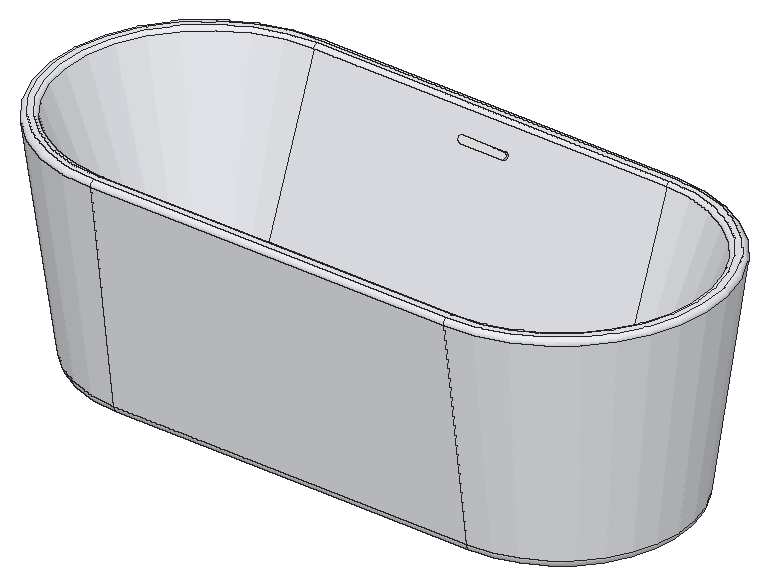
Revit family "Bathtub-Freestanding-American_Standard-Coastal_Serin-2765.034", category Plumbing Fixtures, Revit 2014
Parameters (values of type "2765.034")
  cUPC Compliant = yes
  Width = 31 1/4"
  Water Connection Diameter = 2 1/8"
  Waste Connection = yes
  Warranty Information = "Limited Lifetime warranty"
  WFU = 4
  Vent Connection = no
  URL = "https://www.americanstandard-us.com/"
  Tub Finish = Acrylic-American Standard-020-High Gloss White
  Shipping Weight = 97 lbf
  Product Page URL = "https://www.americanstandard-us.com/bathroom/bathtubs/coastal-serin-freestanding-tub-24487"
  Product Documentation Link = "https://www.americanstandard-us.com/-/media/specsheet2765034.pdf?la=en"
  Price = "Prices may vary. Please consult Manufacturer Representative for most up-to-date price list."  # constant formula
  Overflow Finish = Metal-American Standard-002-Polished Chrome
  Model = "2765.034"
  Material = "Acrylic-American Standard-020-High Gloss White"
  Manufacturer = "American Standard"
  Length = 68 3/4"
  Installation Type = "Floor Mount"
  Height = 23 5/8"
  HWFU = 3
  HW Connection = yes
  Description = "Coastal Serin Freestanding Tub"
  Default Elevation = 0"
  Creation Date = "05/19/2017"
  CWFU = 3
  CW Connection = yes
  Assembly Code = "D2010510"
Reference planes (in)
  plane 1 "Center (Front/Back)": y = 0
  plane 2: z = 0
  plane 3 "Center (Left/Right)": x = 0
  plane 4: y = -31.25
  plane 5: x = 34.375
  plane 6: x = -34.375
  plane 7: x = 2.5625
  plane 8: x = -2.5625
  plane 9: z = 23.625
  plane 10: z = 6.75
  plane 11: z = 20.875
Forms (in)
  Sweep 1, solid, material "Acrylic-American Standard-020-High Gloss White" <- "Tub Finish"
    path origin (0, 0, 0) x (1, 0, 0) y (0, 1, 0)
      loop
        line (18.75, 0) -> (-18.75, 0)
        arc (-18.75, 0) -> (-34.375, -15.625) -> (-18.75, -31.25) r 15.625
        line (-18.75, -31.25) -> (18.75, -31.25)
        arc (18.75, -31.25) -> (34.375, -15.625) -> (18.75, 0) r 15.625
    profile origin (0, 0, 0) x (0, -1, 0) y (0, 0, 1)
      loop
        line (0.00974, 23.05541) -> (3.12898, 0.86083)
        arc (3.12898, 0.86083) -> (3.46319, 0.24529) -> (4.11925, 0) r 1
        line (4.11925, 0) -> (9.44816, 0) -> (9.44816, 6.75) -> (8.79008, 6.75)
        arc (8.79008, 6.75) -> (8.08203, 6.96987) -> (7.62307, 7.55214) r 1.25
        line (7.62307, 7.55214) -> (1.57802, 23.30414)
        arc (1.57802, 23.30414) -> (1.39444, 23.53705) -> (1.11121, 23.625) r 0.5
        line (1.11121, 23.625) -> (0.50487, 23.625)
        arc (0.50487, 23.625) -> (0.12752, 23.45303) -> (0.00974, 23.05541) r 0.5
  Extrusion 2, solid, material "Acrylic-American Standard-020-High Gloss White" <- "Tub Finish"
    sketch origin (0, 0, 0) x (1, 0, 0) y (0, 1, 0)
      loop
        arc (-18.75, -9.44816) -> (-24.92684, -15.625) -> (-18.75, -21.80184) r 6.17684
        line (-18.75, -21.80184) -> (18.75, -21.80184)
        arc (18.75, -21.80184) -> (24.92684, -15.625) -> (18.75, -9.44816) r 6.17684
        line (18.75, -9.44816) -> (-18.75, -9.44816)
    from 0 to 6.75
  Extrusion 3, void
    sketch origin (0, 0, 0) x (1, 0, 0) y (0, 1, 0)
      loop
        circle (0, -15.625) r 1.0625
    from 0 to 7.71161
  Extrusion 4, solid, material "Metal-American Standard-002-Polished Chrome" <- "Overflow Finish"
    sketch origin (0, -14.75342, -15.86119) x (1, 0, 0) y (0, 0.37677, 0.926307)
      loop
        arc (-2.20004, 39.02191) -> (-2.5625, 38.65946) -> (-2.20004, 38.297) r 0.36246
        line (-2.20004, 38.297) -> (2.20004, 38.297)
        arc (2.20004, 38.297) -> (2.5625, 38.65946) -> (2.20004, 39.02191) r 0.36246
        line (2.20004, 39.02191) -> (-2.20004, 39.02191)
    from 2.40998 to 2.62638
Cuts and joins
  Extrusion 3 cuts Sweep 1
  Extrusion 3 cuts Extrusion 2
  joined: Sweep 1, Extrusion 2
Lines and regions (in)
  Masking region 1
    outline origin (0, 0, 0) x (1, 0, 0) y (0, 1, 0)
      loop
        arc (-18.87364, 0) -> (-34.49864, -15.625) -> (-18.87364, -31.25) r 15.625
        line (-18.87364, -31.25) -> (18.74864, -31.25)
        arc (18.74864, -31.25) -> (34.37364, -15.625) -> (18.74864, 0) r 15.625
        line (18.74864, 0) -> (-18.87364, 0)
  symbolic lines, style "PlumbingFixtures", detail levels medium+fine
    curve 1: line (-18.73311, -1.49585, 0) -> (18.67243, -1.49585, 0)
    curve 2: line (-18.73311, -29.75415, 0) -> (18.67243, -29.75415, 0)
    curve 3: arc (-18.73311, -29.75415, 0) -> (-32.86226, -15.625, 0) -> (-18.73311, -1.49585, 0) r 14.12915
    curve 4: arc (18.67243, -1.49585, 0) -> (32.80159, -15.625, 0) -> (18.67243, -29.75415, 0) r 14.12915
  symbolic lines, style "PlumbingFixtures", detail levels fine
    curve 5: circle (0, -15.625, 0) r 1.0625 normal (0, 0, 1)
    curve 6: line (-2.20004, -2.48396, 0) -> (2.20297, -2.48396, 0)
    curve 10: line (2.24899, -2.7572, 0) -> (-2.20004, -2.7572, 0)
    curve 16: line (-2.25658, -2.36977, 0) -> (2.24342, -2.36977, 0)
    curve 20: line (2.5625, -2.50357, 0) -> (2.5625, -2.62542, 0)
    curve 24: line (-2.5625, -2.50357, 0) -> (-2.5625, -2.62931, 0)
    curve 25: line (-18.75559, -7.72377, 0) -> (18.81096, -7.72377, 0)
    curve 26: line (18.81096, -23.62549, 0) -> (-18.75559, -23.62549, 0)
    curve 27: arc (-18.75559, -23.62549, 0) -> (-26.70645, -15.67463, 0) -> (-18.75559, -7.72377, 0) r 7.95086
    curve 28: arc (18.81096, -7.72377, 0) -> (26.76182, -15.67463, 0) -> (18.81096, -23.62549, 0) r 7.95086
  symbolic lines, detail levels fine
    curve 7: arc (2.20297, -2.48396, 0) -> (2.36368, -2.50085, 0) -> (2.51736, -2.55079, 0) r 0.77295
    curve 8: arc (2.51736, -2.55079, 0) -> (2.56266, -2.62054, 0) -> (2.51736, -2.69028, 0) r 0.07635
    curve 9: arc (2.51736, -2.69028, 0) -> (2.3861, -2.73548, 0) -> (2.24899, -2.7572, 0) r 0.79641
    curve 11: arc (-2.20004, -2.7572, 0) -> (-2.32504, -2.74736, 0) -> (-2.44697, -2.71809, 0) r 0.79906
    curve 12: arc (-2.44697, -2.71809, 0) -> (-2.4993, -2.69479, 0) -> (-2.54564, -2.66112, 0) r 0.274
    curve 13: arc (-2.54564, -2.66112, 0) -> (-2.56299, -2.62214, 0) -> (-2.54564, -2.58316, 0) r 0.05245
    curve 14: arc (-2.54564, -2.58316, 0) -> (-2.47602, -2.53531, 0) -> (-2.39639, -2.50711, 0) r 0.3236
    curve 15: arc (-2.39639, -2.50711, 0) -> (-2.29875, -2.49102, 0) -> (-2.20004, -2.48396, 0) r 1.07524
    curve 17: arc (2.24342, -2.36977, 0) -> (2.36092, -2.38212, 0) -> (2.47329, -2.41863, 0) r 0.56513
    curve 18: arc (2.47329, -2.41863, 0) -> (2.5126, -2.44087, 0) -> (2.54694, -2.4702, 0) r 0.23561
    curve 19: arc (2.54694, -2.4702, 0) -> (2.55751, -2.48558, 0) -> (2.5625, -2.50357, 0) r 0.05655
    curve 21: arc (-2.24342, -2.36977, 0) -> (-2.36092, -2.38212, 0) -> (-2.47329, -2.41863, 0) r 0.56513
    curve 22: arc (-2.47329, -2.41863, 0) -> (-2.5126, -2.44087, 0) -> (-2.54694, -2.4702, 0) r 0.23561
    curve 23: arc (-2.54694, -2.4702, 0) -> (-2.55751, -2.48558, 0) -> (-2.5625, -2.50357, 0) r 0.05655
Dimensions and locks (in)
  "Width": plane 4 to plane 1 "Center (Front/Back)"
  "Height": plane 9 to level
  plane 9 to plane 10 = 16 7/8"
  plane 8 to plane 7 = 5 1/8"
  "Length": plane 6 to plane 5
Automatic sketch dimensions
  plane 4 to Sweep 1 sketch curve = 0"
  plane 1 "Center (Front/Back)" to Sweep 1 sketch curve = 0"
  Sweep 1 sketch curve to plane 6 = 15 5/8"
  Sweep 1 sketch curve to plane 5 = 15 5/8"
  Sweep 1 sketch curve to level = 0"
  Sweep 1 sketch curve to profile plane = 0.00974"
  Sweep 1 sketch curve to Sweep 1 sketch curve = 0.49513"
  Sweep 1 sketch curve to Sweep 1 sketch curve = 0.60634"
  Sweep 1 sketch curve to Sweep 1 sketch curve = 0.46681"
  level to Sweep 1 sketch curve = 0.86083"
  Sweep 1 sketch curve to profile plane = 3.12898"
  Sweep 1 sketch curve to Sweep 1 sketch curve = 0.99027"
  Sweep 1 sketch curve to Sweep 1 sketch curve = 3.50382"
  Sweep 1 sketch curve to Sweep 1 sketch curve = 1.16701"
  Sweep 1 sketch curve to Sweep 1 sketch curve = 0.65807"
  Sweep 1 sketch curve to Sweep 1 sketch curve = 6 3/4"
  Sweep 1 sketch curve to Sweep 1 sketch curve = 0.80214"
  Sweep 1 sketch curve to Sweep 1 sketch curve = 15.50327"
  Sweep 1 sketch curve to Sweep 1 sketch curve = 0.06959"  (x2)
  plane 1 "Center (Front/Back)" to Extrusion 2 sketch curve = 9.44816"
  Extrusion 2 sketch curve to plane 6 = 15 5/8"
  Extrusion 2 sketch curve to plane 5 = 15 5/8"
  Extrusion 2 sketch curve to Extrusion 2 sketch curve = 6.17684"
  Extrusion 3 sketch curve to plane 3 "Center (Left/Right)" = 0"
  plane 1 "Center (Front/Back)" to Extrusion 3 sketch curve = 15 5/8"
  Extrusion 4 sketch curve to plane 8 = 0.36246"
  Extrusion 4 sketch curve to plane 7 = 0.36246"
  Extrusion 4 sketch curve to Extrusion 4 sketch curve = 0.36246"
  plane 1 "Center (Front/Back)" to Masking region 1 sketch curve = 0"
  plane 4 to Masking region 1 sketch curve = 0"
  Masking region 1 sketch curve to plane 6 = 15.50136"
  Masking region 1 sketch curve to plane 5 = 15.62636"
  curve 23 to plane 8 = 0"
  curve 5 to plane 3 "Center (Left/Right)" = 0"
  curve 19 to plane 7 = 0"
  curve 3 to plane 6 = 15.64189"
  curve 25 to curve 1 = 0.02248"
  curve 13 to plane 8 = 0.05196"
  curve 23 to plane 8 = 0.05624"
  curve 13 to curve 22 = 0.13309"
  curve 23 to curve 12 = 0.14397"
  curve 22 to curve 14 = 0.04834"
  curve 14 to curve 21 = 0.08568"
  curve 21 to curve 6 = 0.04338"
  curve 11 to plane 8 = 0.36246"
  curve 15 to plane 8 = 0.38967"
  curve 9 to plane 7 = 0.36907"
  curve 6 to plane 7 = 0.35953"
  curve 17 to plane 7 = 0.31908"
  curve 17 to curve 10 = 0.00556"
  curve 10 to curve 18 = 0.12846"
  curve 8 to plane 7 = 0.07619"
  curve 19 to plane 7 = 0.05624"
  plane 1 "Center (Front/Back)" to curve 1 = 1.49585"
  curve 1 to plane 5 = 15.70257"
  curve 1 to curve 25 = 0.13853"
  plane 1 "Center (Front/Back)" to curve 11 = 1.95814"
  plane 1 "Center (Front/Back)" to curve 9 = 1.96273"
  curve 16 to curve 9 = 0.40703"
  curve 12 to curve 16 = 0.08774"
  curve 6 to curve 16 = 0.11419"
  curve 20 to curve 17 = 0.1338"
  curve 24 to curve 12 = 0.04607"
  curve 23 to curve 23 = 0.00591"
  curve 19 to curve 19 = 0.00591"
  curve 8 to curve 19 = 0.11106"
  curve 13 to curve 23 = 0.11266"
  curve 18 to curve 8 = 0.01333"
  curve 22 to curve 13 = 3/256"
  curve 10 to curve 18 = 0.12333"
  curve 14 to curve 11 = 0.06644"
  curve 21 to curve 14 = 0.11126"
  curve 17 to curve 9 = 0.1777"
  curve 7 to curve 17 = 0.32201"
  curve 15 to curve 21 = 0.62396"
  curve 25 to curve 1 = 6.22792"
  curve 4 to curve 25 = 7.90123"
  curve 5 to curve 15 = 12.06614"
  curve 27 to curve 3 = 0.04963"
  curve 22 to curve 23 = 0"
  curve 13 to plane 8 = 0.01686"
  curve 14 to curve 13 = 0"
  curve 12 to curve 13 = 0"
  curve 16 to curve 21 = 0.01315"
  curve 18 to curve 17 = 0"
  curve 8 to curve 9 = 0"
  radius of Extrusion 3 sketch curve = 1 1/16"
  radius of curve 5 = 1 1/16"
Connectors (in)
  piping at (0, -15.625, 0), diameter 2.125, driven by "WFU", driven by "Water Connection Diameter"
    settings: on cut or joined group of Sweep 1, Extrusion 2, Extrusion 3, index 1, connector inside diameter 24", connector length 0", flow factor 0, pipe flow 0 GPM, pressure drop 0.00 psi, fitting loss kfactor 0, connector angle 0.00°, fixture units 4, engagement length 0", angle of deflection 0.00°, flow configuration 3, flow direction 2, fitting loss method 0, system type 16, joint type 0, gender type 0, connector reference index -1, connector utility 0, adjustable connector no, is connector primary yes, connector description "2-1/8\" Waste Outlet"
